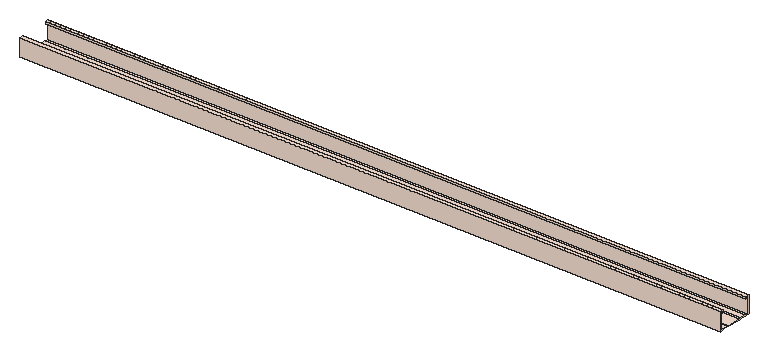
Revit family "nobuchi_25w08", category 機械設備, Revit 2022
Family settings
  丸型コネクタ寸法 = 直径を使用
  種別 = なし
  パーツ タイプ = 標準
  作業面ベース = いいえ
  常に垂直 = はい
  ロード時にボイドで切り取り = いいえ
  注釈の向きを維持 = いいえ
  共有 = いいえ
  部屋計算ポイント = いいえ
Parameters
  製造元 = "株式会社桐井製作所"
  既定の高さ = 0 mm
  URL = "https://www.kirii.co.jp/"
  K_長さ(mm) [instance] = 1000 mm
  K_材質 = "SGCC一般用　SGC340~570高強度一般用"
  K_断面積A(mm2) = 86.4
  K_断面係数Zy(mm3) = 1434
  K_断面係数Zx(mm3) = 410
  K_断面2次半径iy(mm) = 20.4
  K_断面2次半径ix(mm) = 8.9
  K_断面2次モーメントIy(mm4) = 35870
  K_断面2次モーメントIx(mm4) = 6852
  K_外形寸法(mm) = "25×50×0.8"
  K_品名 = "25形Wバー(0.8)"
  K_名称 = "一般野縁"
  K_単位質量(kg/m) = 0.698
  K_ヤング係数E(N/mm2) = 205000
  K_バージョン情報 = "20210714"
  K_めっき付着量 = "Z12"
  K_JIS規格 = "JIS G 3302"
Reference planes
  plane 1 "中心(正面/背面)": y = 0
  plane 2: z = 0
  plane 3 "中心(左/右)": x = 0
  plane 4: x = 1000
  plane 5: z = 25
  plane 6: y = 25
  plane 7: y = -25
Forms (mm)
  Extrusion 1, solid
    sketch origin (0, 0, 0) x (0, -1, 0) y (0, 0, 1)
      loop
        line (-25, 0) -> (-20.2, 0) -> (-19.052, 0.5) -> (-11.148, 0.5) -> (-10, 0) -> (10, 0) -> (11.148, 0.5) -> (19.052, 0.5) -> (20.2, 0) -> (25, 0) -> (25, 25) -> (20, 25) -> (20, 22) -> (20.8, 22) -> (20.8, 24.2) -> (24.2, 24.2) -> (24.2, 0.8) -> (20.367, 0.8) -> (19.218, 1.3) -> (10.982, 1.3) -> (9.833, 0.8) -> (-9.833, 0.8) -> (-10.982, 1.3) -> (-19.218, 1.3) -> (-20.367, 0.8) -> (-24.2, 0.8) -> (-24.2, 24.2) -> (-20.8, 24.2) -> (-20.8, 22) -> (-20, 22) -> (-20, 25) -> (-25, 25) -> (-25, 0)
    from 0 to -1000
Dimensions and locks
  plane 5 to level = 25 mm
  "K_長さ(mm)": plane 3 "中心(左/右)" to plane 4
  aligned and locked: level to plane 2
  aligned and locked: plane 4 to Extrusion 1
Automatic sketch dimensions
  Extrusion 1 sketch curve to level = 0 mm  (x3)
  Extrusion 1 sketch curve to plane 6 = 0 mm
  Extrusion 1 sketch curve to plane 5 = 0 mm  (x2)
  Extrusion 1 sketch curve to plane 7 = 0 mm
  Extrusion 1 sketch curve to plane 6 = 0.8 mm
  Extrusion 1 sketch curve to plane 5 = 0.8 mm  (x2)
  Extrusion 1 sketch curve to Extrusion 1 sketch curve = 3.4 mm
  Extrusion 1 sketch curve to Extrusion 1 sketch curve = 0.8 mm  (x2)
  Extrusion 1 sketch curve to Extrusion 1 sketch curve = 4 mm
  level to Extrusion 1 sketch curve = 1.3 mm  (x2)
  Extrusion 1 sketch curve to Extrusion 1 sketch curve = 0.982 mm  (x2)
  level to Extrusion 1 sketch curve = 0.5 mm  (x2)
  Extrusion 1 sketch curve to Extrusion 1 sketch curve = 0.167 mm  (x8)
  Extrusion 1 sketch curve to Extrusion 1 sketch curve = 7.903 mm
  Extrusion 1 sketch curve to Extrusion 1 sketch curve = 1.148 mm  (x2)
  plane 1 "中心(正面/背面)" to Extrusion 1 sketch curve = 10 mm
  plane 7 to Extrusion 1 sketch curve = 5.948 mm
  Extrusion 1 sketch curve to Extrusion 1 sketch curve = 5 mm
  plane 7 to Extrusion 1 sketch curve = 0.8 mm
  level to Extrusion 1 sketch curve = 0.8 mm  (x3)
  Extrusion 1 sketch curve to plane 5 = 3 mm
  Extrusion 1 sketch curve to Extrusion 1 sketch curve = 2.2 mm
